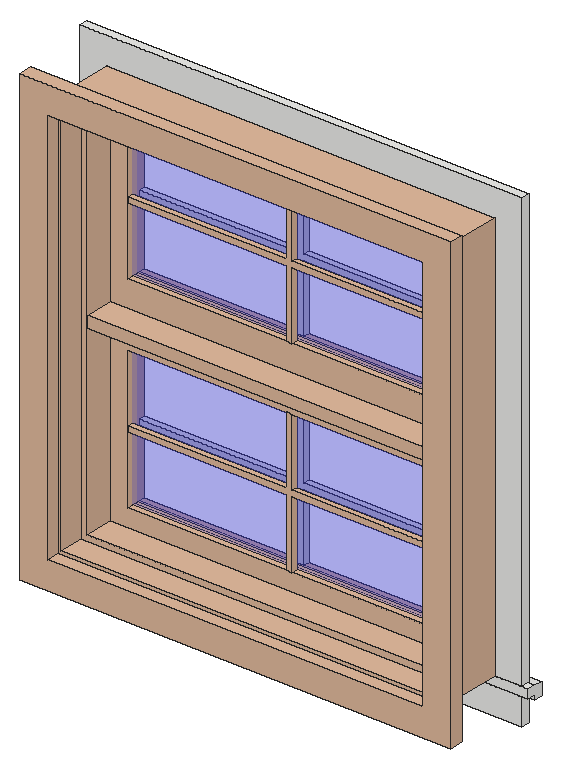
Revit family "M_Janela-toldo-duplo-vertical", category Janelas, Revit 2019
Family settings
  Hospedeiro = Parede
  Número OmniClass = 23.30.20.17.21.11
  Título OmniClass = Awning Windows
  Sempre na vertical = Sim
  Corte com vazios quando carregada = Não
  Compartilhado = Não
  Ponto de cálculo do ambiente = Não
Parameters (values of type "850 x 900mm")
  Janela aplicada [instance] = 0 mm
  Espessura da parede [instance] = 150 mm
  Visual Light Transmittance = 0.81
  Coeficiente da altura do caixilho superior = 0.5
  Altura do caixilho superior = Coeficiente da altura do caixilho superior * Altura  # 450 mm
  Resistência térmica (R) = 0.319569 (m²·K)/W
  Solar Heat Gain Coefficient = 0.76
  Largura bruta = Largura + 15 mm  # 865 mm
  Altura bruta = Altura + 15 mm  # 915 mm
  Visibilidade do montante superior = yes
  Padrão do montante = M_Padrão do montante_2x2 : M_Padrão do montante_2x2
  Fechamento da parede interior [instance] = 54.75 mm
  Visibilidade do recorte interior [instance] = yes
  Material da apara interior = Madeira – Manchada
  Recorte interior = M_Moldura-janela-interior-plana : Quadro
  Material da moldura interior = Madeira – Manchada
  Altura = 900 mm
  Coeficiente de transferência de calor (U) = 3.12929 W/(m²·K)
  Material do painel de vidro = Vidro
  Extensão do quadro [instance] = if(Visibilidade da apara externa, Janela aplicada + 6.35 mm, 6.35 mm)  # 6.35 mm
  Classificação de incêndio = "0.5h"
  Fechamento da parede externa [instance] = 31.75 mm
  Visibilidade da apara externa [instance] = yes
  Material da apara externa = Revestimento – Branco
  Apara externa = M_Recorte-Janela-Exterior-Plana : com peitoril
  Material da moldura exterior = Revestimento – Branco
  Visibilidade do umbral da extensão [instance] = and(Visibilidade do recorte interior, Espessura da parede - Janela aplicada > 95.25 mm)  # yes
  Umbral da extensão [instance] = if(Espessura da parede - Janela aplicada > 95.25 mm, Espessura da parede - Janela aplicada - 95.25 mm, 25.4 mm)  # 54.75 mm
  Altura-padrão do peitoril = 900 mm
  Fechamento da parede = Por hospedeiro
  Largura = 850 mm
  Visibilidade do montante inferior = yes
  Código de montagem = "B2020100"
  Construção analítica = "Vidraça dupla – residencial"
Reference planes
  plane 1 "Centro (Frente/Trás)": y = 0
  plane 2: z = 0
  plane 3 "Centro (Esquerda/Direita)": x = 0
  plane 4 "Esquerda": x = -425
  plane 5 "Direita": x = 425
  plane 6 "Peitoril": z = 900
  plane 7 "Superior": z = 1800
  plane 8 "Exterior": y = 75
  plane 9 "Interior": y = -75
  plane 10 "Inset Face": y = 75
  plane 11 "Umbral": y = -20.25
  plane 12 "Face do caixilho": y = 87.7
  plane 13 "Fechamento da parede": y = -20.25
  plane 14: y = 55.95
  plane 15: z = 912.7
  plane 16: x = 412.3
  plane 17: x = 355.15
  plane 18: x = -355.15
  plane 19: x = -412.3
  plane 20: z = 1787.3
  plane 21: z = 1730.15
  plane 22: z = 969.85
  plane 23: y = 43.25
  plane 24: y = 94.05
  plane 25: y = 65.475
  plane 26: z = 1350
  plane 27 "Altura da travessa": z = 1362.7
  plane 28: z = 1419.85
  plane 29: z = 1337.3
  plane 30: y = 95.25
  plane 31: y = 43.25
  plane 32: y = -20.25
  plane 33: z = 1280.141
  plane 34: z = 1350
  plane 35: y = 94.05
Forms (mm)
  Extrusion 1, solid, material "Madeira – Manchada" <- "Material da moldura interior", visible <- "Visibilidade do umbral da extensão"
    sketch origin (0, 0, 0) x (1, 0, 0) y (0, 0, 1)
      loop
        line (425, 1800) -> (-425, 1800) -> (-425, 900) -> (425, 900) -> (425, 1800)
      loop
        line (405.95, 1780.95) -> (-405.95, 1780.95) -> (-405.95, 919.05) -> (405.95, 919.05) -> (405.95, 1780.95)
    from 20.25 to 75
  Sweep 2, solid, material "Madeira – Manchada" <- "Material da moldura interior"
    path origin (0, 87.7, 0) x (-1, 0, 0) y (0, 0, 1)
      loop
        line (-425, 1800) -> (-425, 900) -> (425, 900) -> (425, 1800) -> (-425, 1800)
    profile origin (425, 87.7, 1350) x (1, 0, 0) y (0, 1, 0)
      loop
        line (-31.75, -44.45) -> (-31.75, -107.95) -> (0, -107.95) -> (0, 6.35) -> (-12.7, 6.35) -> (-12.7, -44.45) -> (-31.75, -44.45)
  Sweep 3, solid, material "Madeira – Manchada" <- "Material da moldura interior"
    path origin (0, 87.7, 0) x (-1, 0, 0) y (0, 0, 1)
      loop
        line (-412.3, 1787.3) -> (-412.3, 1362.7) -> (412.3, 1362.7) -> (412.3, 1787.3) -> (-412.3, 1787.3)
    profile origin (412.3, 87.7, 1575) x (1, 0, 0) y (0, 1, 0)
      loop
        line (-57.15, 0) -> (-57.15, -44.45) -> (0, -44.45) -> (0, 0) -> (-57.15, 0)
  Extrusion 4, solid, material "Vidro" <- "Material do painel de vidro"
    sketch origin (0, 0, 900) x (0, -1, 0) y (1, 0, 0)
      loop
        line (-75, -355.15) -> (-68.65, -355.15) -> (-68.65, 355.15) -> (-75, 355.15) -> (-75, -355.15)
      loop
        line (-62.3, -355.15) -> (-55.95, -355.15) -> (-55.95, 355.15) -> (-62.3, 355.15) -> (-62.3, -355.15)
    from 519.85 to 830.15
  Extrusion 5, solid, material "Vidro" <- "Material do painel de vidro"
    sketch origin (0, 0, 900) x (0, -1, 0) y (1, 0, 0)
      loop
        line (-75, -355.15) -> (-68.65, -355.15) -> (-68.65, 355.15) -> (-75, 355.15) -> (-75, -355.15)
      loop
        line (-62.3, -355.15) -> (-55.95, -355.15) -> (-55.95, 355.15) -> (-62.3, 355.15) -> (-62.3, -355.15)
    from 69.85 to 380.15
  Extrusion 6, solid, material "Madeira – Manchada" <- "Material da moldura interior"
    sketch origin (0, 0, 900) x (0, -1, 0) y (1, 0, 0)
      loop
        line (-95.25, -412.3) -> (-43.25, -412.3) -> (-43.25, -393.25) -> (20.25, -393.25) -> (20.25, 393.25) -> (-43.25, 393.25) -> (-43.25, 412.3) -> (-95.25, 412.3) -> (-95.25, -412.3)
    from 462.7 to 437.3
  Sweep 7, solid, material "Madeira – Manchada" <- "Material da moldura interior"
    path origin (-1828.8, 87.7, 1219.2) x (-1, 0, 0) y (0, 0, 1)
      loop
        line (-2241.1, 118.1) -> (-2241.1, -306.5) -> (-1416.5, -306.5) -> (-1416.5, 118.1) -> (-2241.1, 118.1)
    profile origin (412.3, 87.7, 1125) x (0, 1, 0) y (-1, 0, 0)
      loop
        line (0, 57.15) -> (-44.45, 57.15) -> (-44.45, 0) -> (0, 0) -> (0, 57.15)
Lines and regions (mm)
  Opening 1
    outline origin (-1524, -75, 0) x (1, 0, 0) y (0, 0, 1)
      loop
        line (1099, 1800) -> (1099, 900) -> (1949, 900) -> (1949, 1800) -> (1099, 1800)
  Split face 1
    outline origin (-355.15, 43.25, 1419.85) x (1, 0, 0) y (0, 1, 0)
      loop
        line (0, 31.75) -> (710.3, 31.75)
  Split face 2
    outline origin (355.15, 43.25, 1419.85) x (0, 0, 1) y (0, 1, 0)
      loop
        line (0, 31.75) -> (310.3, 31.75)
  Split face 3
    outline origin (-355.15, 43.25, 1730.15) x (0, 0, -1) y (0, 1, 0)
      loop
        line (0, 31.75) -> (310.3, 31.75)
  Split face 4
    outline origin (355.15, 43.25, 1730.15) x (0, 1, 0) y (-1, 0, 0)
      loop
        line (31.75, 710.3) -> (31.75, 0)
  Split face 5
    outline origin (0, 0, 1362.7) x (0, -1, 0) y (1, 0, 0)
      loop
        line (-87.7, 412.3) -> (-87.7, -412.3)
  Split face 6
    outline origin (355.15, 87.7, 969.85) x (-1, 0, 0) y (0, -1, 0)
      loop
        line (710.3, 12.7) -> (0, 12.7)
  Split face 7
    outline origin (355.15, 87.7, 1280.15) x (0, 0, -1) y (0, -1, 0)
      loop
        line (310.3, 12.7) -> (0, 12.7)
  Split face 8
    outline origin (-355.15, 87.7, 1280.15) x (0, -1, 0) y (1, 0, 0)
      loop
        line (12.7, 710.3) -> (12.7, 0)
  Split face 9
    outline origin (-355.15, 87.7, 969.85) x (0, 0, 1) y (0, -1, 0)
      loop
        line (310.3, 12.7) -> (0, 12.7)
  Split face 10
    outline origin (0, 0, 1337.3) x (0, -1, 0) y (1, 0, 0)
      loop
        line (-87.7, 412.3) -> (-87.7, -412.3)
  symbolic lines, style "Giro da elevação"
    curve 1: line (0, -75, 1787.3) -> (412.3, -75, 1362.7)
    curve 2: line (0, -75, 1787.3) -> (-412.3, -75, 1362.7)
    curve 3: line (0, -75, 1337.3) -> (412.3, -75, 912.7)
    curve 4: line (0, -75, 1337.3) -> (-412.3, -75, 912.7)
Text (mm)
  text "EXTERIOR" at (-1490.695, 1293.036, 0), in view "Nível de referência"
  text "INTERIOR" at (-1490.695, -959.266, 0), in view "Nível de referência"
  text "Exterior" at (0, 1108.87, 3129.179), in view "Esquerda"
  text "Exterior" at (0, 464.664, 3176.206), in view "Direita"
Dimensions and locks
  equal spacing: plane 4 "Esquerda", plane 3 "Centro (Esquerda/Direita)", plane 5 "Direita"
  "Largura": plane 4 "Esquerda" to plane 5 "Direita"
  "Altura": plane 6 "Peitoril" to plane 7 "Superior"
  "Altura-padrão do peitoril": plane 2 to plane 6 "Peitoril"
  "Janela aplicada": plane 8 "Exterior" to plane 10 "Inset Face"
  "Umbral da extensão": plane 11 "Umbral" to plane 9 "Interior"
  locked: plane 12 "Face do caixilho" to plane 10 "Inset Face" at 12.7
  locked: plane 10 "Inset Face" to plane 13 "Fechamento da parede" at 95.25
  locked: plane 10 "Inset Face" to plane 14 at 19.05
  locked: plane 6 "Peitoril" to plane 15 at 12.7
  locked: Sweep 2 sketch curve to Sweep 2 sketch curve at 31.75
  locked: plane 16 to plane 5 "Direita" at 12.7
  locked: plane 17 to plane 16 at 57.15
  locked: plane 4 "Esquerda" to plane 19 at 12.7
  locked: plane 19 to plane 18 at 57.15
  locked: plane 20 to plane 7 "Superior" at 12.7
  locked: Sweep 2 sketch curve to Sweep 2 sketch curve at 12.7
  equal spacing: Extrusion 4 sketch curve, Extrusion 4 sketch curve, Extrusion 4 sketch curve, Extrusion 4 sketch curve
  locked: plane 15 to plane 22 at 57.15
  locked: plane 21 to plane 20 at 57.15
  locked: plane 14 to plane 23 at 12.7
  locked: plane 24 to plane 8 "Exterior" at 19.05
  plane 12 "Face do caixilho" to Sweep 2 sketch curve = 44.45 mm
  equal spacing: plane 10 "Inset Face", plane 25, plane 14
  equal spacing: plane 22, plane 26, plane 21
  locked: plane 27 "Altura da travessa" to plane 28 at 57.15
  equal spacing: Extrusion 5 sketch curve, Extrusion 5 sketch curve, Extrusion 5 sketch curve, Extrusion 5 sketch curve
  "Espessura da parede": host wall to host wall
  Extrusion 1 to Extrusion 5 = 780.15 mm
  plane 29 to plane 27 "Altura da travessa" = 25.4 mm
  plane 30 to plane 12 "Face do caixilho" = 7.55 mm
  "Fechamento da parede interior": plane 32 to plane 9 "Interior"
  "Fechamento da parede externa": plane 8 "Exterior" to plane 31
  locked: plane 33 to plane 29 at 57.159
  equal spacing: plane 29, plane 34, plane 27 "Altura da travessa"
  "Altura do caixilho superior": plane 34 to plane 7 "Superior"
  "Extensão do quadro": plane 35 to plane 12 "Face do caixilho"
  aligned and locked: plane 7 "Superior" to Opening 1 sketch curve
  aligned and locked: plane 6 "Peitoril" to Opening 1 sketch curve  (x2)
  aligned and locked: plane 5 "Direita" to Opening 1 sketch curve
  aligned and locked: plane 4 "Esquerda" to Opening 1 sketch curve
  aligned and locked: level to plane 2
  aligned and locked: plane 8 "Exterior" to host wall
  aligned and locked: plane 9 "Interior" to host wall
  aligned and locked: Extrusion 1 sketch curve to plane 6 "Peitoril"
  aligned and locked: plane 7 "Superior" to Extrusion 1 sketch curve
  aligned and locked: plane 5 "Direita" to Extrusion 1 sketch curve
  aligned and locked: Extrusion 1 sketch curve to plane 4 "Esquerda"
  aligned and locked: Extrusion 1 to plane 9 "Interior"
  aligned and locked: Sweep 2 sketch curve to plane 6 "Peitoril"
  aligned and locked: Sweep 2 sketch curve to plane 4 "Esquerda"
  aligned and locked: plane 7 "Superior" to Sweep 2 sketch curve
  aligned and locked: plane 5 "Direita" to Sweep 2 sketch curve
  aligned and locked: Sweep 2 sketch curve to plane 5 "Direita"
  aligned and locked: plane 16 to Sweep 3 sketch curve
  aligned and locked: Sweep 3 sketch curve to plane 19
  aligned and locked: Sweep 3 sketch curve to plane 20
  aligned and locked: plane 12 "Face do caixilho" to Sweep 3 sketch curve
  aligned and locked: Sweep 3 sketch curve to plane 16
  aligned and locked: plane 17 to Sweep 3 sketch curve
  aligned and locked: Sweep 3 sketch curve to Sweep 2
  aligned and locked: Extrusion 4 sketch curve to plane 10 "Inset Face"
  aligned and locked: plane 17 to Extrusion 4 sketch curve  (x2)
  aligned and locked: Extrusion 4 sketch curve to plane 18  (x2)
  aligned and locked: plane 21 to Extrusion 4
  aligned and locked: plane 18 to Split face 1 sketch curve
  aligned and locked: Split face 1 sketch curve to plane 10 "Inset Face"
  aligned and locked: plane 17 to Split face 1 sketch curve
  aligned and locked: plane 3 "Centro (Esquerda/Direita)" to nested 1
  aligned and locked: nested 1 to plane 8 "Exterior"
  aligned and locked: plane 21 to Split face 2 sketch curve
  aligned and locked: Split face 2 sketch curve to plane 10 "Inset Face"
  aligned and locked: plane 21 to Split face 3 sketch curve
  aligned and locked: plane 10 "Inset Face" to Split face 3 sketch curve
  aligned and locked: plane 18 to Split face 4 sketch curve
  aligned and locked: plane 17 to Split face 4 sketch curve
  aligned and locked: Split face 4 sketch curve to plane 10 "Inset Face"
  aligned and locked: plane 3 "Centro (Esquerda/Direita)" to curve 1
  aligned and locked: plane 16 to curve 1
  aligned and locked: plane 20 to curve 2
  aligned and locked: nested 2 to plane 25
  aligned and locked: plane 27 "Altura da travessa" to Sweep 3 sketch curve
  aligned and locked: plane 28 to nested 2
  aligned and locked: Extrusion 5 sketch curve to Extrusion 4
  aligned and locked: Extrusion 4 to plane 28
  aligned and locked: Extrusion 5 sketch curve to plane 14
  aligned and locked: plane 27 "Altura da travessa" to curve 1
  aligned and locked: plane 27 "Altura da travessa" to curve 2
  aligned and locked: plane 19 to curve 2
  aligned and locked: plane 27 "Altura da travessa" to Extrusion 6
  aligned and locked: Extrusion 6 to plane 29
  aligned and locked: plane 12 "Face do caixilho" to Split face 5 sketch curve
  aligned and locked: profile plane to Sweep 7 sketch curve
  aligned and locked: plane 17 to Sweep 7 sketch curve
  aligned and locked: Sweep 7 sketch curve to Sweep 2  (x2)
  aligned and locked: Extrusion 5 to Sweep 7
  aligned and locked: Extrusion 5 to plane 22
  aligned and locked: Split face 6 sketch curve to plane 10 "Inset Face"
  aligned and locked: plane 17 to Split face 7 sketch curve
  aligned and locked: Split face 9 sketch curve to plane 18
  aligned and locked: plane 12 "Face do caixilho" to Split face 10 sketch curve
  aligned and locked: Sweep 7 sketch curve to plane 16
  aligned and locked: Sweep 7 sketch curve to plane 15
  aligned and locked: plane 19 to Sweep 7 sketch curve
  aligned and locked: plane 16 to Sweep 7 sketch curve
  aligned and locked: plane 29 to Sweep 7 sketch curve  (x2)
  aligned and locked: Extrusion 6 sketch curve to plane 13 "Fechamento da parede"
  aligned and locked: plane 30 to Extrusion 6 sketch curve
  aligned and locked: nested 1 to plane 7 "Superior"
  aligned and locked: nested 3 to plane 8 "Exterior"
  aligned and locked: nested 3 to plane 4 "Esquerda"
  aligned and locked: plane 18 to Extrusion 5 sketch curve  (x2)
  aligned and locked: plane 17 to Extrusion 5 sketch curve  (x2)
  aligned and locked: plane 18 to Sweep 7
  aligned and locked: plane 21 to nested 2
  aligned and locked: nested 2 to plane 18
  aligned and locked: nested 2 to plane 17
  aligned and locked: plane 7 "Superior" to nested 5
  aligned and locked: plane 7 "Superior" to nested 4
  aligned and locked: plane 3 "Centro (Esquerda/Direita)" to nested 4
  aligned and locked: nested 5 to plane 3 "Centro (Esquerda/Direita)"
  aligned and locked: plane 11 "Umbral" to Extrusion 1
  aligned and locked: Sweep 2 sketch curve to plane 13 "Fechamento da parede"
  aligned and locked: nested 6 to plane 18
  aligned and locked: nested 6 to plane 17
  aligned and locked: plane 22 to nested 6
  aligned and locked: plane 33 to nested 6
  aligned and locked: nested 6 to plane 25
  aligned and locked: plane 29 to curve 4
  aligned and locked: plane 3 "Centro (Esquerda/Direita)" to curve 4
  aligned and locked: plane 15 to curve 3
  aligned and locked: plane 16 to curve 3
  aligned and locked: plane 15 to curve 4
  aligned and locked: plane 19 to curve 4
  aligned and locked: plane 34 to nested 3
  aligned and locked: plane 35 to Sweep 2 sketch curve
Automatic sketch dimensions
  Extrusion 4 sketch curve to plane 14 = 0 mm
  Sweep 7 to Split face 7 sketch curve = 0 mm
  Split face 7 sketch curve to Sweep 7 = 0 mm
  Split face 7 sketch curve to Sweep 7 = 12.7 mm
  Sweep 7 to Split face 9 sketch curve = 0 mm
  Split face 9 sketch curve to Sweep 7 = 12.7 mm
  Split face 9 sketch curve to Sweep 7 = 0 mm
  Extrusion 1 sketch curve to plane 19 = 6.35 mm
  plane 16 to Extrusion 1 sketch curve = 6.35 mm
  plane 15 to Extrusion 1 sketch curve = 6.35 mm
  Extrusion 1 sketch curve to plane 20 = 6.35 mm
  Split face 2 sketch curve to Sweep 3 = 0 mm
  Split face 3 sketch curve to Sweep 3 = 0 mm
  Extrusion 6 sketch curve to plane 23 = 0 mm  (x2)
  Extrusion 6 sketch curve to plane 16 = 0 mm
  Extrusion 6 sketch curve to plane 19 = 0 mm
  Extrusion 6 sketch curve to plane 19 = 19.05 mm
  plane 16 to Extrusion 6 sketch curve = 19.05 mm
  Split face 5 sketch curve to Extrusion 6 = 0 mm  (x2)
  Split face 6 sketch curve to Sweep 7 = 0 mm  (x2)
  Split face 8 sketch curve to Sweep 7 = 0 mm  (x2)
  Split face 8 sketch curve to Sweep 7 = 12.7 mm
  Split face 10 sketch curve to Extrusion 6 = 0 mm  (x2)
Nested families
  nested 1: "M_Plano-toldo" at (0, 75, 1350), Largura <- "Largura", Janela aplicada <- "Janela aplicada", Altura <- "Altura do caixilho superior", Espessura da parede <- "Espessura da parede", type "M_Plano-toldo"
    with Janela aplicada de 3D 0 mm, Janela aplicada 0 mm, Largura 850 mm, Espessura da parede 150 mm, Linha superior yes, Linha à direita yes, Linha à esquerda yes, Altura 450 mm, Linha inferior no
  nested 2: "M_Padrão do montante_2x2" at (0, 65.475, 1419.85), visible <- "Visibilidade do montante superior", Material externo <- "Material da moldura exterior", Material interior <- "Material da moldura interior", type <- "Padrão do montante", type "M_Padrão do montante_2x2"
    with Largura 710.3 mm, Material interior Madeira – Manchada, Altura 310.3 mm, Material externo Revestimento – Branco
  nested 3: "M_Plano-toldo" at (0, 75, 900), Janela aplicada <- "Janela aplicada", Largura <- "Largura", Altura <- "Altura do caixilho superior", Espessura da parede <- "Espessura da parede", type "M_Plano-toldo"
    with Janela aplicada de 3D 0 mm, Janela aplicada 0 mm, Largura 850 mm, Espessura da parede 150 mm, Linha superior no, Linha à direita yes, Linha à esquerda yes, Altura 450 mm, Linha inferior yes
  nested 4: "M_Moldura-janela-interior-plana" at (0, -75, 1800) x (1, 0, 0) z (0, -1, 0), visible <- "Visibilidade do recorte interior", Material da apara <- "Material da apara interior", Largura da abertura <- "Largura", Altura da abertura <- "Altura", type <- "Recorte interior", type "Quadro"
    with Material da apara Madeira – Manchada, Largura da abertura 850 mm, Altura da abertura 900 mm
  nested 5: "M_Recorte-Janela-Exterior-Plana" at (0, 75, 1800) x (-1, 0, 0) z (0, 1, 0), Largura da abertura <- "Largura", Altura da abertura <- "Altura", Material da apara <- "Material da apara externa", visible <- "Visibilidade da apara externa", type <- "Apara externa", type "com peitoril"
    with Material da apara Revestimento – Branco, Largura da abertura 850 mm, Altura da abertura 900 mm
  nested 6: "M_Padrão do montante_2x2" at (0, 65.475, 969.85), visible <- "Visibilidade do montante inferior", Material externo <- "Material da moldura exterior", Material interior <- "Material da moldura interior", type <- "Padrão do montante", type "M_Padrão do montante_2x2"
    with Largura 710.3 mm, Material interior Madeira – Manchada, Altura 310.291 mm, Material externo Revestimento – Branco
Definition of nested family "M_Padrão do montante_2x2"
  Parameters (values of type "M_Padrão do montante_2x2")
    Largura [instance] = 1200 mm
    Espessura = 12.7 mm
    Altura [instance] = 1200 mm
    Material interior [instance] = none
    Material externo [instance] = none
    Distância = 19.05 mm
  Reference planes
    plane 1 "Centro (Frente/Trás)": y = 0
    plane 2: z = 0
    plane 3 "Centro (Esquerda/Direita)": x = 0
    plane 4: z = 1200
    plane 5: x = -600
    plane 6: x = 600
    plane 7: z = 600
    plane 8: y = 9.525
    plane 9: y = 22.225
    plane 10: y = -9.525
    plane 11: y = -22.225
  Forms (mm)
    Extrusion 1, solid, material <- "Material interior", detail levels fine
      sketch origin (0, 0, 0) x (1, 0, 0) y (0, 0, 1)
        loop
          line (-600, 606.35) -> (-600, 593.65) -> (-6.35, 593.65) -> (-6.35, 0) -> (6.35, 0) -> (6.35, 593.65) -> (600, 593.65) -> (600, 606.35) -> (6.35, 606.35) -> (6.35, 1200) -> (-6.35, 1200) -> (-6.35, 606.35) -> (-600, 606.35)
      from 9.525 to 22.225
    Extrusion 2, solid, material <- "Material externo", detail levels fine
      sketch origin (0, 0, 0) x (1, 0, 0) y (0, 0, -1)
        loop
          line (-600, -606.35) -> (-6.35, -606.35) -> (-6.35, -1200) -> (6.35, -1200) -> (6.35, -606.35) -> (600, -606.35) -> (600, -593.65) -> (6.35, -593.65) -> (6.35, 0) -> (-6.35, 0) -> (-6.35, -593.65) -> (-600, -593.65) -> (-600, -606.35)
      from 9.525 to 22.225
  Lines and regions (mm)
    model lines, detail levels medium
      curve 1: line (0, 9.525, 1200) -> (0, 9.525, 0)
      curve 2: line (-600, -9.525, 600) -> (600, -9.525, 600)
      curve 3: line (-600, 9.525, 600) -> (600, 9.525, 600)
      curve 4: line (0, -9.525, 1200) -> (0, -9.525, 0)
  Dimensions and locks
    equal spacing: plane 6, plane 3 "Centro (Esquerda/Direita)", plane 5
    "Largura": plane 6 to plane 5
    "Altura": plane 4 to plane 2
    equal spacing: plane 4, plane 7, plane 2
    locked: plane 3 "Centro (Esquerda/Direita)" to Extrusion 1 sketch curve at 6.35  (x4)
    locked: Extrusion 1 sketch curve to plane 7 at 6.35  (x2)
    locked: plane 7 to Extrusion 1 sketch curve at 6.35  (x2)
    "Espessura": plane 9 to plane 8
    "Espessura": plane 10 to plane 11
    "Distância": plane 8 to plane 10
    equal spacing: plane 8, plane 1 "Centro (Frente/Trás)", plane 10
    aligned and locked: plane 2 to level
    aligned and locked: plane 4 to curve 1
    aligned and locked: plane 5 to curve 2
    aligned and locked: plane 2 to curve 1
    aligned and locked: plane 6 to curve 2
    aligned and locked: Extrusion 1 sketch curve to plane 4
    aligned and locked: Extrusion 1 sketch curve to plane 6
    aligned and locked: Extrusion 1 sketch curve to plane 5
    aligned and locked: Extrusion 1 sketch curve to level
    aligned and locked: Extrusion 1 to plane 11
    aligned and locked: plane 10 to Extrusion 1
    aligned and locked: Extrusion 2 to plane 5
    aligned and locked: plane 6 to Extrusion 2
    aligned and locked: Extrusion 2 to plane 8
    aligned and locked: plane 9 to Extrusion 2
    aligned and locked: Extrusion 2 to plane 2
    aligned and locked: plane 4 to Extrusion 2
    aligned and locked: plane 5 to curve 3
    aligned and locked: plane 6 to curve 3
    aligned and locked: plane 4 to curve 4
    aligned and locked: plane 2 to curve 4
    aligned and locked: plane 8 to curve 3
  Automatic sketch dimensions
    curve 2 to plane 7 = 0 mm
    Extrusion 2 sketch curve to plane 5 = 0 mm
    Extrusion 2 sketch curve to level = 0 mm
    Extrusion 2 sketch curve to plane 4 = 0 mm
    Extrusion 2 sketch curve to plane 6 = 0 mm
    Extrusion 2 sketch curve to plane 3 "Centro (Esquerda/Direita)" = 6.35 mm  (x2)
    plane 3 "Centro (Esquerda/Direita)" to Extrusion 2 sketch curve = 6.35 mm  (x2)
    plane 7 to Extrusion 2 sketch curve = 6.35 mm  (x2)
    Extrusion 2 sketch curve to plane 7 = 6.35 mm  (x2)
    curve 4 to plane 3 "Centro (Esquerda/Direita)" = 0 mm
    curve 4 to level = 0 mm
    curve 4 to plane 4 = 0 mm
    curve 3 to plane 6 = 0 mm
    curve 1 to plane 3 "Centro (Esquerda/Direita)" = 0 mm
    curve 3 to plane 5 = 0 mm
    curve 3 to plane 7 = 0 mm
Definition of nested family "M_Moldura-janela-interior-plana"
  Parameters (values of type "com peitoril")
    Espessura da apara_Quadro = 30 mm
    Largura da apara = 60 mm
    Espessura da apara_com peitoril = 20 mm
    Material da apara [instance] = none
    Espessura do peitoril = 30 mm
    Peitoril = yes
    Quadro = no
    Largura da abertura [instance] = 600 mm
    Altura da abertura [instance] = 900 mm
    Default Elevation = 1200 mm
  Types (2, lengths in mm): name | Peitoril | Quadro
    com peitoril | yes | no
    Quadro | no | yes
  Reference planes
    plane 1 "Centro (Frente/Trás)": y = 0
    plane 2: z = 0
    plane 3 "Centro (Esquerda/Direita)": x = 0
    plane 4: y = 47.3
    plane 5 "Esquerda": x = -300
    plane 6 "Direita": x = 300
    plane 7 "Inferior": y = -900
    plane 8: y = -930
    plane 9: y = -980.432
    plane 10: x = 347.3
    plane 11: x = -347.3
    plane 12: z = 20
    plane 13: z = 30
    plane 14: x = 360
    plane 15: x = -360
    plane 16: y = -920.432
    plane 17: y = -947.3
    plane 18: z = 12.7
    plane 19: x = -287.3
    plane 20: y = -12.7
    plane 21: x = 287.3
    plane 22: y = -887.3
    plane 23: x = -334.6
    plane 24: x = 334.6
    plane 25: y = -450
  Forms (mm)
    Extrusion 1, solid
      sketch origin (0, 0, 0) x (1, 0, 0) y (0, 1, 0)
        loop
          line (-349.25, 44.45) -> (-349.25, -958.85) -> (349.25, -958.85) -> (349.25, 44.45) -> (-349.25, 44.45)
      from 0 to -304.8
    Extrusion 2, solid, material <- "Material da apara", visible <- "Peitoril"
      sketch origin (0, 0, 0) x (1, 0, 0) y (0, 1, 0)
        loop
          line (-334.6, -900) -> (-287.3, -900) -> (-287.3, 0) -> (287.3, 0) -> (287.3, -900) -> (334.6, -900) -> (334.6, 47.3) -> (-334.6, 47.3) -> (-334.6, -900)
      from 0 to 20
    Extrusion 3, solid, material <- "Material da apara", visible <- "Peitoril"
      sketch origin (0, 0, 0) x (0, 1, 0) y (0, 0, 1)
        loop
          line (-912.7, 39.05) -> (-920.432, 39.05) -> (-920.432, 0) -> (-900, 0) -> (-900, 26.35)
          arc (-900, 26.35) -> (-903.72, 35.33) -> (-912.7, 39.05) r 12.7
      from -347.3 to 347.3
    Extrusion 4, solid, material <- "Material da apara", visible <- "Peitoril"
      sketch origin (0, 0, 0) x (1, 0, 0) y (0, 1, 0)
        loop
          line (-334.6, -920.432) -> (-334.6, -980.432) -> (334.6, -980.432) -> (334.6, -920.432) -> (-334.6, -920.432)
      from 0 to 20
    Extrusion 5, solid, material <- "Material da apara", visible <- "Quadro"
      sketch origin (0, 0, 0) x (1, 0, 0) y (0, 1, 0)
        loop
          line (-287.3, -12.7) -> (-287.3, -887.3) -> (287.3, -887.3) -> (287.3, -12.7) -> (-287.3, -12.7)
        loop
          line (-347.3, 47.3) -> (-347.3, -947.3) -> (347.3, -947.3) -> (347.3, 47.3) -> (-347.3, 47.3)
      from 0 to 30
  Dimensions and locks
    equal spacing: plane 5 "Esquerda", plane 3 "Centro (Esquerda/Direita)", plane 6 "Direita"
    "Largura da abertura": plane 5 "Esquerda" to plane 6 "Direita"
    "Altura da abertura": plane 7 "Inferior" to plane 1 "Centro (Frente/Trás)"
    "Espessura do peitoril": plane 7 "Inferior" to plane 8
    "Largura da apara": plane 11 to plane 19
    "Largura da apara": plane 21 to plane 10
    "Largura da apara": plane 20 to plane 4
    "Espessura da apara_com peitoril": plane 12 to plane 2
    locked: plane 15 to plane 11 at 12.7
    locked: plane 10 to plane 14 at 12.7
    locked: plane 16 to plane 8 at 9.568
    "Largura da apara": plane 9 to plane 16
    "Largura da apara": plane 17 to plane 22
    plane 20 to plane 1 "Centro (Frente/Trás)" = 12.7 mm
    plane 5 "Esquerda" to plane 19 = 12.7 mm
    plane 21 to plane 6 "Direita" = 12.7 mm
    plane 22 to plane 7 "Inferior" = 12.7 mm
    locked: plane 11 to plane 23 at 12.7
    locked: plane 24 to plane 10 at 12.7
    equal spacing: plane 7 "Inferior", plane 25, plane 1 "Centro (Frente/Trás)"
    "Espessura da apara_Quadro": plane 13 to plane 2
    locked: Extrusion 3 to plane 12 at 19.05
    locked: plane 12 to Extrusion 3 sketch curve at 19.05
    radius of Extrusion 3 sketch curve = 12.7 mm
    aligned and locked: plane 2 to Extrusion 1
    aligned and locked: level to Extrusion 1
    aligned and locked: plane 7 "Inferior" to Extrusion 2 sketch curve  (x2)
    aligned and locked: plane 1 "Centro (Frente/Trás)" to Extrusion 2 sketch curve
    aligned and locked: plane 12 to Extrusion 2
    aligned and locked: Extrusion 3 sketch curve to level
    aligned and locked: plane 7 "Inferior" to Extrusion 3 sketch curve
    aligned and locked: plane 16 to Extrusion 4 sketch curve
    aligned and locked: plane 9 to Extrusion 4 sketch curve
    aligned and locked: Extrusion 2 sketch curve to plane 4
    aligned and locked: Extrusion 5 sketch curve to plane 4
    aligned and locked: Extrusion 5 sketch curve to plane 17
    aligned and locked: plane 10 to Extrusion 5 sketch curve
    aligned and locked: Extrusion 5 sketch curve to plane 11
    aligned and locked: plane 13 to Extrusion 5
    aligned and locked: Extrusion 5 sketch curve to plane 20
    aligned and locked: Extrusion 5 sketch curve to plane 19
    aligned and locked: Extrusion 5 sketch curve to plane 21
    aligned and locked: plane 22 to Extrusion 5 sketch curve
    aligned and locked: Extrusion 4 to plane 24
    aligned and locked: plane 11 to Extrusion 3
    aligned and locked: Extrusion 3 to plane 10
    aligned and locked: Extrusion 2 sketch curve to plane 21
    aligned and locked: Extrusion 2 sketch curve to plane 24
    aligned and locked: Extrusion 2 sketch curve to plane 19
    aligned and locked: Extrusion 2 sketch curve to plane 23
    aligned and locked: plane 12 to Extrusion 4
  Automatic sketch dimensions
    Extrusion 1 sketch curve to Extrusion 1 sketch curve = 698.5 mm
    Extrusion 1 sketch curve to Extrusion 1 sketch curve = 1003.3 mm
    Extrusion 3 sketch curve to plane 16 = 0 mm
    Extrusion 4 sketch curve to plane 11 = 12.7 mm
    Extrusion 4 sketch curve to plane 24 = 0 mm
Definition of nested family "M_Recorte-Janela-Exterior-Plana"
  Parameters (values of type "com peitoril")
    Largura da apara = 60 mm
    Espessura da apara_Quadro = 30 mm
    Espessura da apara_com peitoril = 19.05 mm
    Material da apara [instance] = none
    Espessura do peitoril = 30 mm
    Peitoril = yes
    Quadro = no
    Largura da abertura [instance] = 600 mm
    Altura da abertura [instance] = 900 mm
    Default Elevation = 1200 mm
  Types (2, lengths in mm): name | Peitoril | Quadro
    com peitoril | yes | no
    Quadro | no | yes
  Reference planes
    plane 1 "Centro (Frente/Trás)": y = 0
    plane 2: z = 0
    plane 3 "Centro (Esquerda/Direita)": x = 0
    plane 4: y = 60
    plane 5 "Esquerda": x = -300
    plane 6 "Direita": x = 300
    plane 7 "Inferior": y = -900
    plane 8: y = -930
    plane 9: y = -980.432
    plane 10: x = 360
    plane 11: x = -360
    plane 12: z = 19.05
    plane 13: z = 30
    plane 14: x = 372.7
    plane 15: x = -372.7
    plane 16: y = -920.432
    plane 17: y = -960
    plane 18: z = 12.7
    plane 19: y = -450
    plane 20: z = 38.1
  Forms (mm)
    Extrusion 1, solid
      sketch origin (0, 0, 0) x (1, 0, 0) y (0, 1, 0)
        loop
          line (-361.95, 57.15) -> (-361.95, -993.732) -> (361.95, -993.732) -> (361.95, 57.15) -> (-361.95, 57.15)
      from 0 to -304.8
    Extrusion 2, solid, material <- "Material da apara", visible <- "Peitoril"
      sketch origin (0, 0, 0) x (1, 0, 0) y (0, 1, 0)
        loop
          line (-360, -900) -> (-300, -900) -> (-300, 0) -> (300, 0) -> (300, -900) -> (360, -900) -> (360, 60) -> (-360, 60) -> (-360, -900)
      from 0 to 19.05
    Extrusion 3, solid, material <- "Material da apara", visible <- "Peitoril"
      sketch origin (0, 0, 0) x (0, 1, 0) y (0, 0, 1)
        loop
          line (-902.458, 38.1) -> (-930, 38.1) -> (-930, 19.05) -> (-920.432, 19.05) -> (-920.432, 0) -> (-900, 0) -> (-900, 19.05) -> (-902.458, 38.1)
      from -372.7 to 372.7
    Extrusion 4, solid, material <- "Material da apara", visible <- "Peitoril"
      sketch origin (0, 0, 0) x (1, 0, 0) y (0, 1, 0)
        loop
          line (-360, -920.432) -> (-360, -980.432) -> (360, -980.432) -> (360, -920.432) -> (-360, -920.432)
      from 0 to 19.05
    Extrusion 5, solid, material <- "Material da apara", visible <- "Quadro"
      sketch origin (0, 0, 0) x (1, 0, 0) y (0, 1, 0)
        loop
          line (-300, 0) -> (-300, -900) -> (300, -900) -> (300, 0) -> (-300, 0)
        loop
          line (-360, 60) -> (-360, -960) -> (360, -960) -> (360, 60) -> (-360, 60)
      from 0 to 30
  Dimensions and locks
    equal spacing: plane 5 "Esquerda", plane 3 "Centro (Esquerda/Direita)", plane 6 "Direita"
    "Largura da abertura": plane 5 "Esquerda" to plane 6 "Direita"
    "Altura da abertura": plane 7 "Inferior" to plane 1 "Centro (Frente/Trás)"
    "Espessura do peitoril": plane 7 "Inferior" to plane 8
    "Largura da apara": plane 11 to plane 5 "Esquerda"
    "Largura da apara": plane 6 "Direita" to plane 10
    "Largura da apara": plane 1 "Centro (Frente/Trás)" to plane 4
    locked: plane 15 to plane 11 at 12.7
    locked: plane 10 to plane 14 at 12.7
    locked: plane 16 to plane 8 at 9.568
    "Largura da apara": plane 9 to plane 16
    "Largura da apara": plane 17 to plane 7 "Inferior"
    locked: plane 18 to plane 2 at 12.7
    equal spacing: plane 7 "Inferior", plane 19, plane 1 "Centro (Frente/Trás)"
    locked: plane 20 to plane 12 at 19.05
    "Espessura da apara_com peitoril": plane 12 to plane 2
    "Espessura da apara_Quadro": plane 13 to plane 2
    aligned and locked: plane 2 to Extrusion 1
    aligned and locked: level to Extrusion 1
    aligned and locked: Extrusion 2 sketch curve to plane 5 "Esquerda"
    aligned and locked: Extrusion 2 sketch curve to plane 11
    aligned and locked: plane 7 "Inferior" to Extrusion 2 sketch curve  (x2)
    aligned and locked: plane 1 "Centro (Frente/Trás)" to Extrusion 2 sketch curve
    aligned and locked: plane 10 to Extrusion 2 sketch curve
    aligned and locked: Extrusion 2 sketch curve to plane 6 "Direita"
    aligned and locked: plane 12 to Extrusion 2
    aligned and locked: Extrusion 3 sketch curve to level
    aligned and locked: plane 7 "Inferior" to Extrusion 3 sketch curve
    aligned and locked: Extrusion 3 sketch curve to plane 8
    aligned and locked: plane 15 to Extrusion 3
    aligned and locked: Extrusion 3 to plane 14
    aligned and locked: plane 10 to Extrusion 4 sketch curve
    aligned and locked: Extrusion 4 sketch curve to plane 11
    aligned and locked: plane 16 to Extrusion 4 sketch curve
    aligned and locked: plane 9 to Extrusion 4 sketch curve
    aligned and locked: Extrusion 4 to Extrusion 2
    aligned and locked: Extrusion 2 sketch curve to plane 4
    aligned and locked: plane 1 "Centro (Frente/Trás)" to Extrusion 5 sketch curve
    aligned and locked: Extrusion 5 sketch curve to plane 4
    aligned and locked: Extrusion 5 sketch curve to plane 17
    aligned and locked: plane 7 "Inferior" to Extrusion 5 sketch curve
    aligned and locked: Extrusion 5 sketch curve to plane 6 "Direita"
    aligned and locked: plane 10 to Extrusion 5 sketch curve
    aligned and locked: Extrusion 5 sketch curve to plane 5 "Esquerda"
    aligned and locked: Extrusion 5 sketch curve to plane 11
    aligned and locked: plane 13 to Extrusion 5
    aligned and locked: plane 20 to Extrusion 3
  Automatic sketch dimensions
    Extrusion 1 sketch curve to Extrusion 1 sketch curve = 723.9 mm
    Extrusion 1 sketch curve to Extrusion 1 sketch curve = 1050.882 mm
    Extrusion 3 sketch curve to plane 16 = 0 mm
    Extrusion 3 sketch curve to plane 12 = 0 mm  (x2)
    Extrusion 3 sketch curve to plane 7 "Inferior" = 2.458 mm
    plane 13 to Extrusion 3 sketch curve = 8.1 mm
Definition of nested family "M_Plano-toldo"
  Parameters (values of type "M_Plano-toldo")
    Janela aplicada [instance] = 50 mm
    Janela aplicada de 3D [instance] = if(Janela aplicada - 12.7 mm < 0 mm, 0 mm, if(Janela aplicada - 12.7 mm < Espessura da parede - 88.9 mm, Janela aplicada - 12.7 mm, Espessura da parede - 88.9 mm))  # 37.3 mm
    Width [instance] = 1200 mm
    Espessura da parede [instance] = 150 mm
    Linha superior [instance] = yes
    Rough Width = 930 mm
    Rough Height = 930 mm
    Linha à direita [instance] = yes
    Linha à esquerda [instance] = yes
    Height [instance] = 1200 mm
    Default Elevation = 1200 mm
    Linha inferior [instance] = yes
    Analytic Construction = "<Nenhum>"
  Reference planes
    plane 1 "Centro (Frente/Trás)": y = 0
    plane 2: z = 0
    plane 3 "Centro (Esquerda/Direita)": x = 0
    plane 4: x = -600
    plane 5: x = 600
    plane 6 "Umbral": y = -126.2
    plane 7: x = -587.3
    plane 8: x = -568.25
    plane 9: y = -37.3
    plane 10: y = -81.75
    plane 11: y = -59.525
    plane 12: x = -530.15
    plane 13: x = 587.3
    plane 14: x = 568.25
    plane 15: x = 530.15
    plane 16 "Janela aplicada": y = -50
    plane 17 "Parede": y = -150
    plane 18: z = 1200
    plane 19: z = 1187.3
    plane 20: z = 12.7
    plane 21: z = 1168.25
    plane 22: z = 31.75
    plane 23: z = 1130.15
    plane 24: z = 69.85
    plane 25: z = 600
  Lines and regions (mm)
    Masking region 1
      outline origin (0, 19.05, 0) x (1, 0, 0) y (0, 1, 0)
        loop
          line (-600, -169.05) -> (600, -169.05) -> (600, -19.05) -> (-600, -19.05) -> (-600, -169.05)
    Masking region 2
      outline origin (0, 0, 0) x (0, 1, 0) y (0, 0, 1)
        loop
          line (-150, 1200) -> (-150, 0) -> (0, 0) -> (0, 1200) -> (-150, 1200)
    symbolic lines
      curve 1: line (-587.3, -81.75, 0) -> (-568.25, -81.75, 0)
      curve 2: line (-568.25, -81.75, 0) -> (-568.25, -126.2, 0)
      curve 3: line (-587.3, -37.3, 0) -> (-587.3, -81.75, 0)
      curve 4: line (-530.15, -37.3, 0) -> (-530.15, -81.75, 0)
      curve 5: line (-530.15, -81.75, 0) -> (-568.25, -81.75, 0)
      curve 6: line (-530.15, -59.525, 0) -> (530.15, -59.525, 0)
      curve 7: line (568.25, -81.75, 0) -> (568.25, -126.2, 0)
      curve 8: line (587.3, -37.3, 0) -> (587.3, -81.75, 0)
      curve 9: line (530.15, -37.3, 0) -> (530.15, -81.75, 0)
      curve 10: line (530.15, -81.75, 0) -> (587.3, -81.75, 0)
      curve 11: line (-600, -126.2, 0) -> (-568.25, -126.2, 0)
      curve 12: line (568.25, -126.2, 0) -> (-568.25, -126.2, 0)
      curve 13: line (0, -81.75, 1168.25) -> (0, -126.2, 1168.25)
      curve 14: line (0, -126.2, 0) -> (0, -126.2, 31.75)
      curve 15: line (0, -37.3, 12.7) -> (0, -81.75, 12.7)
      curve 16: line (0, -81.75, 12.7) -> (0, -81.75, 69.85)
      curve 17: line (0, -81.75, 31.75) -> (0, -126.2, 31.75)
      curve 18: line (0, -37.3, 1200) -> (0, -37.3, 1130.15)
      curve 19: line (0, -37.3, 1130.15) -> (0, -81.75, 1130.15)
      curve 20: line (0, -81.75, 69.85) -> (0, -37.3, 69.85)
      curve 21: line (0, -59.525, 69.85) -> (0, -59.525, 1130.15)
      curve 22: line (0, -81.75, 1187.3) -> (0, -81.75, 1130.15)
      curve 23: line (530.15, -37.3, 0) -> (600, -37.3, 0)
      curve 24: line (530.15, -37.3, 0) -> (-530.15, -37.3, 0)
      curve 25: line (0, -37.3, 69.85) -> (0, -37.3, 0)
      curve 26: line (-530.15, -37.3, 0) -> (-600, -37.3, 0)
      curve 27: line (0, -37.3, 1130.15) -> (0, -37.3, 69.85)
      curve 32: line (568.25, -126.2, 0) -> (600, -126.2, 0)
      curve 33: line (0, -37.3, 1187.3) -> (0, -81.75, 1187.3)
      curve 34: line (0, -126.2, 1168.25) -> (0, -126.2, 1200)
      curve 35: line (0, -126.2, 31.75) -> (0, -126.2, 1168.25)
      curve 36: line (0, -81.75, 1187.3) -> (0, 505.55, 170.067)
      curve 37: arc (0, -81.75, 12.7) -> (0, 222.259, 52.724) -> (0, 505.55, 170.067) r 1174.6
    symbolic lines, visible <- "Linha superior"
      curve 28: line (0, 0, 1200) -> (0, -150, 1200)
    symbolic lines, visible <- "Linha inferior"
      curve 29: line (0, 0, 0) -> (0, -150, 0)
    symbolic lines, visible <- "Linha à esquerda"
      curve 30: line (-600, 0, 0) -> (-600, -150, 0)
    symbolic lines, visible <- "Linha à direita"
      curve 31: line (600, 0, 0) -> (600, -150, 0)
  Dimensions and locks
    "Width": plane 4 to plane 5
    equal spacing: plane 4, plane 3 "Centro (Esquerda/Direita)", plane 5
    plane 4 to plane 7 to plane 8 = 12.7 mm locked, 19.05 mm locked
    equal spacing: plane 9, plane 11, plane 10
    locked: plane 7 to plane 12 at 57.15
    plane 5 to plane 13 to plane 14 = 12.7 mm locked, 19.05 mm locked
    locked: plane 13 to plane 15 at 57.15
    locked: plane 9 to plane 16 "Janela aplicada" at 12.7
    locked: plane 9 to plane 10 at 44.45
    "Espessura da parede": plane 17 "Parede" to plane 1 "Centro (Frente/Trás)"
    "Height": plane 18 to plane 2
    locked: plane 18 to plane 19 at 12.7
    locked: plane 20 to plane 2 at 12.7
    locked: plane 19 to plane 21 at 19.05
    locked: plane 22 to plane 20 at 19.05
    locked: plane 19 to plane 23 at 57.15
    locked: plane 24 to plane 20 at 57.15
    locked: plane 10 to plane 6 "Umbral" at 44.45
    "Janela aplicada de 3D": plane 9 to plane 1 "Centro (Frente/Trás)"
    equal spacing: plane 18, plane 25, plane 2
    locked: plane 10 to curve 36 (angle 30.00°)
    aligned and locked: plane 2 to level
    aligned and locked: curve 2 to plane 8
    aligned and locked: curve 1 to plane 10
    aligned and locked: plane 4 to Masking region 1 sketch curve
    aligned and locked: Masking region 1 sketch curve to plane 5
    aligned and locked: plane 14 to curve 7
    aligned and locked: Masking region 1 sketch curve to plane 17 "Parede"
    aligned and locked: plane 1 "Centro (Frente/Trás)" to Masking region 1 sketch curve
    aligned and locked: Masking region 2 sketch curve to plane 18
    aligned and locked: plane 17 "Parede" to Masking region 2 sketch curve
    aligned and locked: level to Masking region 2 sketch curve
    aligned and locked: plane 6 "Umbral" to curve 14
    aligned and locked: plane 21 to curve 13
    aligned and locked: plane 22 to curve 17  (x2)
    aligned and locked: plane 10 to curve 16  (x2)
    aligned and locked: plane 20 to curve 15
    aligned and locked: curve 18 to plane 9
    aligned and locked: plane 23 to curve 19
    aligned and locked: curve 20 to plane 24
    aligned and locked: plane 11 to curve 21
    aligned and locked: plane 18 to curve 18
    aligned and locked: plane 9 to curve 15
    aligned and locked: plane 9 to curve 3
    aligned and locked: plane 19 to curve 22
    aligned and locked: plane 23 to curve 22
    aligned and locked: plane 9 to curve 24
    aligned and locked: plane 4 to curve 26
    aligned and locked: plane 9 to curve 25
    aligned and locked: plane 2 to curve 25
    aligned and locked: curve 4 to plane 12
    aligned and locked: plane 24 to curve 27
    aligned and locked: plane 1 "Centro (Frente/Trás)" to curve 28
    aligned and locked: plane 17 "Parede" to curve 28
    aligned and locked: curve 28 to plane 18
    aligned and locked: plane 17 "Parede" to curve 29
    aligned and locked: plane 1 "Centro (Frente/Trás)" to curve 29
    aligned and locked: curve 29 to plane 2
    aligned and locked: plane 4 to curve 11
    aligned and locked: plane 17 "Parede" to curve 31
    aligned and locked: curve 31 to plane 5
    aligned and locked: plane 5 to curve 32
    aligned and locked: plane 14 to curve 32
    aligned and locked: curve 32 to plane 6 "Umbral"
    aligned and locked: plane 17 "Parede" to curve 30
    aligned and locked: plane 9 to curve 33
    aligned and locked: plane 10 to curve 33
    aligned and locked: curve 33 to plane 19
    aligned and locked: plane 1 "Centro (Frente/Trás)" to curve 31
    aligned and locked: plane 1 "Centro (Frente/Trás)" to curve 30
    aligned and locked: plane 21 to curve 34
    aligned and locked: curve 35 to plane 6 "Umbral"
    aligned and locked: curve 34 to plane 6 "Umbral"
    aligned and locked: plane 20 to curve 37
    aligned and locked: plane 19 to curve 37
    aligned and locked: plane 10 to curve 37
  Automatic sketch dimensions
    curve 3 to plane 7 = 0 mm
    curve 9 to plane 15 = 0 mm
    curve 8 to plane 10 = 0 mm
    curve 8 to plane 13 = 0 mm
    curve 6 to plane 11 = 0 mm
    Masking region 2 sketch curve to plane 1 "Centro (Frente/Trás)" = 0 mm
Types in the file's own list only (33): name | Transmissão de luz visual | Altura do caixilho superior | Resistência térmica (R) | Coeficiente de ganho de calor solar | Largura bruta | Altura bruta | Visibilidade do montante superior | Padrão do montante | Altura | Coeficiente de transferência de calor (U) | Largura | Visibilidade do montante inferior
  850 x 1050mm | 0.81 | 525 mm | 0.3196 (m²·K)/W | 0.76 | 865 mm | 1065 mm | Sim | M_Padrão do montante_2x2 | 1050 mm | 3.1293 W/(m²·K) | 850 mm | Sim
  850 x 1200mm | 0.81 | 600 mm | 0.3196 (m²·K)/W | 0.76 | 865 mm | 1215 mm | Sim | M_Padrão do montante_2x2 | 1200 mm | 3.1293 W/(m²·K) | 850 mm | Sim
  850 x 1350mm | 0.81 | 675 mm | 0.3196 (m²·K)/W | 0.76 | 865 mm | 1365 mm | Sim | M_Padrão do montante_2x2 | 1350 mm | 3.1293 W/(m²·K) | 850 mm | Sim
  850 x 1500mm | 0.81 | 750 mm | 0.3196 (m²·K)/W | 0.76 | 865 mm | 1515 mm | Sim | M_Padrão do montante_2x2 | 1500 mm | 3.1293 W/(m²·K) | 850 mm | Sim
  850 x 1650mm | 0.81 | 825 mm | 0.3196 (m²·K)/W | 0.76 | 865 mm | 1665 mm | Sim | M_Padrão do montante_2x2 | 1650 mm | 3.1293 W/(m²·K) | 850 mm | Sim
  850 x 1800mm | 0.81 | 900 mm | 0.3196 (m²·K)/W | 0.76 | 865 mm | 1815 mm | Sim | M_Padrão do montante_2x2 | 1800 mm | 3.1293 W/(m²·K) | 850 mm | Sim
  1050 x 600mm | 0.81 | 300 mm | 0.3196 (m²·K)/W | 0.76 | 1065 mm | 615 mm | Sim | M_Padrão do montante_2x2 | 600 mm | 3.1293 W/(m²·K) | 1050 mm | Sim
  1050 x 750mm | 0.81 | 375 mm | 0.3196 (m²·K)/W | 0.76 | 1065 mm | 765 mm | Sim | M_Padrão do montante_2x2 | 750 mm | 3.1293 W/(m²·K) | 1050 mm | Sim
  1050 x 900mm | 0.81 | 450 mm | 0.3196 (m²·K)/W | 0.76 | 1065 mm | 915 mm | Sim | M_Padrão do montante_2x2 | 900 mm | 3.1293 W/(m²·K) | 1050 mm | Sim
  1050 x 1050mm | 0.81 | 525 mm | 0.3196 (m²·K)/W | 0.76 | 1065 mm | 1065 mm | Sim | M_Padrão do montante_2x2 | 1050 mm | 3.1293 W/(m²·K) | 1050 mm | Sim
  1050 x 1200mm | 0.81 | 600 mm | 0.3196 (m²·K)/W | 0.76 | 1065 mm | 1215 mm | Sim | M_Padrão do montante_2x2 | 1200 mm | 3.1293 W/(m²·K) | 1050 mm | Sim
  1050 x 1350mm | 0.81 | 675 mm | 0.3196 (m²·K)/W | 0.76 | 1065 mm | 1365 mm | Sim | M_Padrão do montante_2x2 | 1350 mm | 3.1293 W/(m²·K) | 1050 mm | Sim
  1050 x 1500mm | 0.81 | 750 mm | 0.3196 (m²·K)/W | 0.76 | 1065 mm | 1515 mm | Sim | M_Padrão do montante_2x2 | 1500 mm | 3.1293 W/(m²·K) | 1050 mm | Sim
  1050 x 1650mm | 0.81 | 825 mm | 0.3196 (m²·K)/W | 0.76 | 1065 mm | 1665 mm | Sim | M_Padrão do montante_2x2 | 1650 mm | 3.1293 W/(m²·K) | 1050 mm | Sim
  1050 x 1800mm | 0.81 | 900 mm | 0.3196 (m²·K)/W | 0.76 | 1065 mm | 1815 mm | Sim | M_Padrão do montante_2x2 | 1800 mm | 3.1293 W/(m²·K) | 1050 mm | Sim
  1200 x 600mm | 0.81 | 300 mm | 0.3196 (m²·K)/W | 0.76 | 1215 mm | 615 mm | Sim | M_Padrão do montante_2x2 | 600 mm | 3.1293 W/(m²·K) | 1200 mm | Sim
  1200 x 750mm | 0.81 | 375 mm | 0.3196 (m²·K)/W | 0.76 | 1215 mm | 765 mm | Sim | M_Padrão do montante_2x2 | 750 mm | 3.1293 W/(m²·K) | 1200 mm | Sim
  1200 x 900mm | 0.81 | 450 mm | 0.3196 (m²·K)/W | 0.76 | 1215 mm | 915 mm | Sim | M_Padrão do montante_2x2 | 900 mm | 3.1293 W/(m²·K) | 1200 mm | Sim
  1200 x 1050mm | 0.81 | 525 mm | 0.3196 (m²·K)/W | 0.76 | 1215 mm | 1065 mm | Sim | M_Padrão do montante_2x2 | 1050 mm | 3.1293 W/(m²·K) | 1200 mm | Sim
  1200 x 1200mm | 0.81 | 600 mm | 0.3196 (m²·K)/W | 0.76 | 1215 mm | 1215 mm | Sim | M_Padrão do montante_2x2 | 1200 mm | 3.1293 W/(m²·K) | 1200 mm | Sim
  1200 x 1350mm | 0.81 | 675 mm | 0.3196 (m²·K)/W | 0.76 | 1215 mm | 1365 mm | Sim | M_Padrão do montante_2x2 | 1350 mm | 3.1293 W/(m²·K) | 1200 mm | Sim
  1200 x 1500mm | 0.81 | 750 mm | 0.3196 (m²·K)/W | 0.76 | 1215 mm | 1515 mm | Sim | M_Padrão do montante_2x2 | 1500 mm | 3.1293 W/(m²·K) | 1200 mm | Sim
  1200 x 1650mm | 0.81 | 825 mm | 0.3196 (m²·K)/W | 0.76 | 1215 mm | 1665 mm | Sim | M_Padrão do montante_2x2 | 1650 mm | 3.1293 W/(m²·K) | 1200 mm | Sim
  1200 x 1800mm | 0.81 | 900 mm | 0.3196 (m²·K)/W | 0.76 | 1215 mm | 1815 mm | Sim | M_Padrão do montante_2x2 | 1800 mm | 3.1293 W/(m²·K) | 1200 mm | Sim
  1400 x 600mm | 0.81 | 300 mm | 0.3196 (m²·K)/W | 0.76 | 1415 mm | 615 mm | Sim | M_Padrão do montante_2x2 | 600 mm | 3.1293 W/(m²·K) | 1400 mm | Sim
  1400 x 750mm | 0.81 | 375 mm | 0.3196 (m²·K)/W | 0.76 | 1415 mm | 765 mm | Sim | M_Padrão do montante_2x2 | 750 mm | 3.1293 W/(m²·K) | 1400 mm | Sim
  1400 x 900mm | 0.81 | 450 mm | 0.3196 (m²·K)/W | 0.76 | 1415 mm | 915 mm | Sim | M_Padrão do montante_2x2 | 900 mm | 3.1293 W/(m²·K) | 1400 mm | Sim
  1400 x 1050mm | 0.81 | 525 mm | 0.3196 (m²·K)/W | 0.76 | 1415 mm | 1065 mm | Sim | M_Padrão do montante_2x2 | 1050 mm | 3.1293 W/(m²·K) | 1400 mm | Sim
  1400 x 1200mm | 0.81 | 600 mm | 0.3196 (m²·K)/W | 0.76 | 1415 mm | 1215 mm | Sim | M_Padrão do montante_2x2 | 1200 mm | 3.1293 W/(m²·K) | 1400 mm | Sim
  1400 x 1350mm | 0.81 | 675 mm | 0.3196 (m²·K)/W | 0.76 | 1415 mm | 1365 mm | Sim | M_Padrão do montante_2x2 | 1350 mm | 3.1293 W/(m²·K) | 1400 mm | Sim
  1400 x 1500mm | 0.81 | 750 mm | 0.3196 (m²·K)/W | 0.76 | 1415 mm | 1515 mm | Sim | M_Padrão do montante_2x2 | 1500 mm | 3.1293 W/(m²·K) | 1400 mm | Sim
  1400 x 1650mm | 0.81 | 825 mm | 0.3196 (m²·K)/W | 0.76 | 1415 mm | 1665 mm | Sim | M_Padrão do montante_2x2 | 1650 mm | 3.1293 W/(m²·K) | 1400 mm | Sim
  1400 x 1800mm | 0.81 | 900 mm | 0.3196 (m²·K)/W | 0.76 | 1415 mm | 1815 mm | Sim | M_Padrão do montante_2x2 | 1800 mm | 3.1293 W/(m²·K) | 1400 mm | Sim
